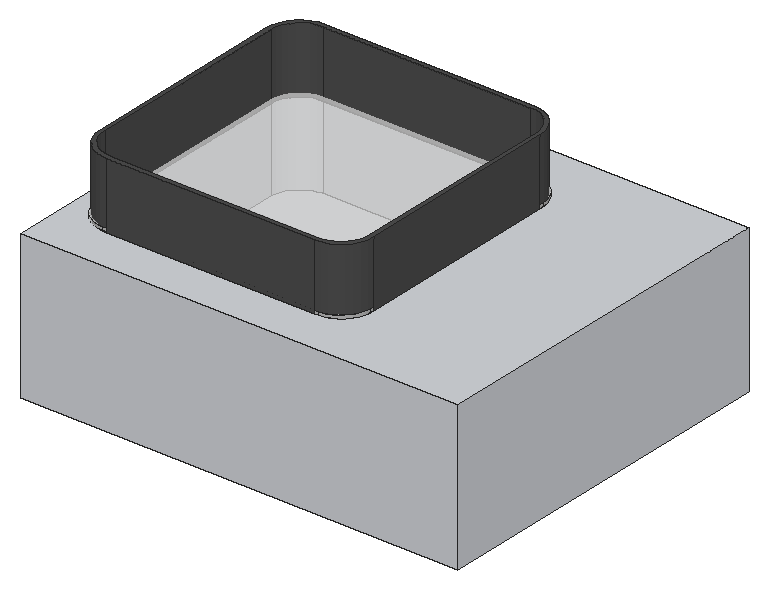
Revit family "Lighting-Surface-Amerlux-Stadia", category Lighting Fixtures, host Face, Revit 2020
Family settings
  Host = Face
  Round Connector Dimension = Use Diameter
  Part Type = Normal
  Cut with Voids When Loaded = No
  Light Source = Yes
  Shared = No
  Room Calculation Point = No
Parameters (values of type "8"")
  Wattage = 9.2903 W
  built-in parameter 1150110 = 1 (stored number, unit not read)
  Voltage = 0 V
  Uplight [instance] = yes
  URL = "http://www.amerlux.com/"
  built-in parameter 1114217 = 1 (stored number, unit not read)
  Tilt Angle = -90.00°
  built-in parameter 1150109 = 1 (stored number, unit not read)
  built-in parameter 1150134 = 3
  built-in parameter 1150113 = 1 (stored number, unit not read)
  Power Factor = 1
  Photometric Web File = "Load File"
  Number of Poles = 1
  built-in parameter 1150142 = (empty or 0)
  Model = "Stadia"
  Manufacturer = "Amerlux"
  built-in parameter 1150105 = 109.82 (stored number, unit not read)
  Lumens = 1380 lm
  built-in parameter 1150115 = 1 (stored number, unit not read)
  built-in parameter 1150137 = (empty or 0)
  built-in parameter 1150139 = (empty or 0)
  built-in parameter 1150112 = 1 (stored number, unit not read)
  built-in parameter 1150114 = 1 (stored number, unit not read)
  built-in parameter 1150132 = (empty or 0)
  built-in parameter 1150102 = (empty or 0)
  built-in parameter 1150107 = 3200 (stored number, unit not read)
  built-in parameter 1150138 = (empty or 0)
  built-in parameter 1150106 = 1.0982 (stored number, unit not read)
  Height = 4 7/16"
  Fixture Width = 10 15/16"
  Fixture Length = 13 3/16"
  Fixture Finish = Matte Black
  Emit from Rectangle Width = 8"
  Emit from Rectangle Length = 8"
  Emit Shape Visible in Rendering = no
  built-in parameter 1150104 = 13.8 (stored number, unit not read)
  Dimming Lamp Color Temperature Shift = <None>
  Description = "Surface Mount"
  Default Elevation = 48"
  Color Filter = 16777215
  Bottom Offset = 4 11/16"
  built-in parameter 1114218 = 1 (stored number, unit not read)
  built-in parameter 1150133 = 10 (stored number, unit not read)
  Apparent Load = 0 VA
  Side Offset = 5 1/2"
  Aperture = 8 1/4"
Types (3): name | Fixture Width | Fixture Length | Emit from Rectangle Width | Emit from Rectangle Length | Bottom Offset | Side Offset | Aperture
  (no name) | 10 15/16" | 13 3/16" | 8" | 8" | 4 11/16" | 5 1/2" | 8 1/4"
  8" | 10 15/16" | 13 3/16" | 8" | 8" | 4 11/16" | 5 1/2" | 8 1/4"
  5" | 7 3/4" | 11 1/2" | 5" | 5" | 4" | 3 7/8" | 5"
Reference planes (in)
  plane 1 "Center (Front/Back)": y = 0
  plane 2: z = 0
  plane 3 "Center (Left/Right)": x = 0
  plane 4: z = 0
  plane 5: z = 13.1875
  plane 6: y = 5.46875
  plane 7: y = -5.46875
  plane 8: x = -6.59375
  plane 9: x = 6.59375
  plane 10: z = 0.4375
  plane 11: y = -0.03125
  plane 12: x = -1.90625
Forms (in)
  Extrusion 1, solid
    sketch origin (0, 0, 0) x (1, 0, 0) y (0, 1, 0)
      loop
        line (-6.59375, 5.46875) -> (-6.59375, -5.46875) -> (6.59375, -5.46875) -> (6.59375, 5.46875) -> (-6.59375, 5.46875)
    from -4.4375 to 0
  Extrusion 2, solid, material "Matte Black" <- "Fixture Finish"
    sketch origin (0, 0, 0) x (1, 0, 0) y (0, 1, 0)
      loop
        arc (-5.03125, 4.09375) -> (-5.73836, 3.80086) -> (-6.03125, 3.09375) r 1
        line (-6.03125, 3.09375) -> (-6.03125, -3.15625)
        arc (-6.03125, -3.15625) -> (-5.73836, -3.86336) -> (-5.03125, -4.15625) r 1
        line (-5.03125, -4.15625) -> (1.21875, -4.15625)
        arc (1.21875, -4.15625) -> (1.92586, -3.86336) -> (2.21875, -3.15625) r 1
        line (2.21875, -3.15625) -> (2.21875, 3.09375)
        arc (2.21875, 3.09375) -> (1.92586, 3.80086) -> (1.21875, 4.09375) r 1
        line (1.21875, 4.09375) -> (-5.03125, 4.09375)
    from 0 to 2
  Extrusion 3, void
    sketch origin (0, 0, 0) x (1, 0, 0) y (0, 1, 0)
      loop
        line (1.21875, 3.96875) -> (-5.03125, 3.96875)
        arc (-5.03125, 3.96875) -> (-5.64997, 3.71247) -> (-5.90625, 3.09375) r 0.875
        line (-5.90625, 3.09375) -> (-5.90625, -3.15625)
        arc (-5.90625, -3.15625) -> (-5.64997, -3.77497) -> (-5.03125, -4.03125) r 0.875
        line (-5.03125, -4.03125) -> (1.21875, -4.03125)
        arc (1.21875, -4.03125) -> (1.83747, -3.77497) -> (2.09375, -3.15625) r 0.875
        line (2.09375, -3.15625) -> (2.09375, 3.09375)
        arc (2.09375, 3.09375) -> (1.83747, 3.71247) -> (1.21875, 3.96875) r 0.875
    from -2.50376 to 2
  Extrusion 4, solid, material "Lens"
    sketch origin (0, 0, 0) x (1, 0, 0) y (0, 1, 0)
      loop
        line (1.34375, 4.09375) -> (-5.15625, 4.09375)
        arc (-5.15625, 4.09375) -> (-5.77497, 3.83747) -> (-6.03125, 3.21875) r 0.875
        line (-6.03125, 3.21875) -> (-6.03125, -3.28125)
        arc (-6.03125, -3.28125) -> (-5.77497, -3.89997) -> (-5.15625, -4.15625) r 0.875
        line (-5.15625, -4.15625) -> (1.34375, -4.15625)
        arc (1.34375, -4.15625) -> (1.96247, -3.89997) -> (2.21875, -3.28125) r 0.875
        line (2.21875, -3.28125) -> (2.21875, 3.21875)
        arc (2.21875, 3.21875) -> (1.96247, 3.83747) -> (1.34375, 4.09375) r 0.875
    from 0 to 0.11463
Cuts and joins
  Extrusion 3 cuts Extrusion 1
  Extrusion 3 cuts Extrusion 2
Dimensions and locks (in)
  plane 4 to host face = 0"
  equal spacing: plane 6, plane 1 "Center (Front/Back)", plane 7
  "Fixture Width": plane 6 to plane 7
  "Fixture Length": plane 5 to host face
  equal spacing: plane 8, plane 3 "Center (Left/Right)", plane 9
  "Fixture Length": plane 8 to plane 9
  "Bottom Offset": plane 8 to plane 12
  "Side Offset": plane 6 to plane 11
  equal spacing: Extrusion 2 sketch curve, plane 12, Extrusion 2 sketch curve
  "Aperture": Extrusion 2 sketch curve to Extrusion 2 sketch curve  (x2)
  equal spacing: Extrusion 2 sketch curve, plane 11, Extrusion 2 sketch curve
  "Height": Extrusion 1 to host face
  Extrusion 3 sketch curve to cut or joined group of Extrusion 2, Extrusion 3 = 1/8"
  cut or joined group of Extrusion 2, Extrusion 3 to Extrusion 3 sketch curve = 1/8"  (x3)
  equal spacing: Extrusion 4 sketch curve, plane 12, Extrusion 4 sketch curve
  "Aperture": Extrusion 4 sketch curve to Extrusion 4 sketch curve  (x2)
  equal spacing: Extrusion 4 sketch curve, plane 11, Extrusion 4 sketch curve
  radius of Extrusion 2 sketch curve = 1"  (x4)
  radius of Extrusion 3 sketch curve = 7/8"  (x4)
  radius of Extrusion 4 sketch curve = 7/8"  (x4)
  aligned and locked: plane 2 to host face
  aligned and locked: level to host face
  aligned and locked: Extrusion 1 sketch curve to plane 6
  aligned and locked: plane 8 to Extrusion 1 sketch curve
  aligned and locked: plane 7 to Extrusion 1 sketch curve
  aligned and locked: Extrusion 1 sketch curve to plane 9
  aligned and locked: level to Extrusion 1
  aligned and locked: cut or joined group of Extrusion 2, Extrusion 3 to Extrusion 3
  aligned and locked: imposter light to plane 11
  aligned and locked: imposter light to plane 10
  aligned and locked: plane 12 to imposter light
Automatic sketch dimensions
  host sketch curve to host sketch curve = 96"  (x2)
Connectors (in)
  electrical at (0, 0, -4.4375), driven by "Number of Poles", driven by "Voltage", driven by "Apparent Load", driven by "Power Factor"
    settings: on cut or joined group of Extrusion 1, Extrusion 3, index 1, voltage 0 V, apparent load 0 VA, apparent load phase1 0 VA, apparent load phase2 0 VA, apparent load phase3 0 VA, power factor 1, load classification "Other", number of poles 1, system type 31, power factor state 1, is connector primary yes, connector utility no, sub classification motor no, connector description ""
